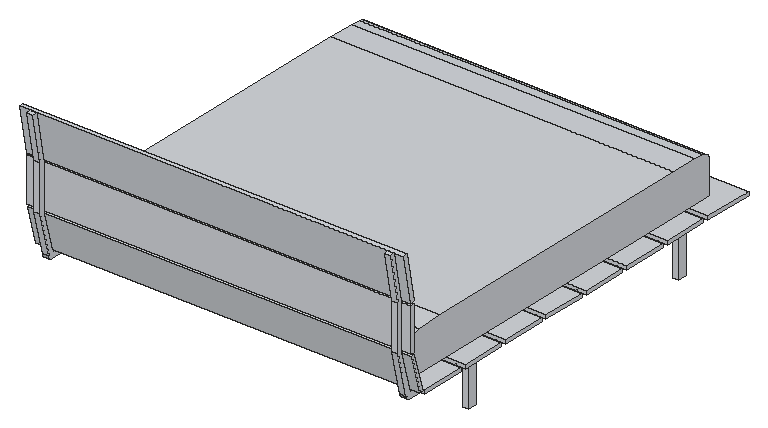
Revit family
Parameters (values of type "190 x 200 cm")
  Manufacturer = "Revit"
  Materiale Struttura = none
  Materiale Materasso [instance] = none
  Materiale Doghe = none
Reference planes
  plane 1 "Center (Front/Back)": y = 0
  plane 2: z = 0
  plane 3 "Center (Left/Right)": x = 0
  plane 4: x = -950
  plane 5: x = 950
Forms (mm)
  Extrusion 1, solid, material <- "Materiale Doghe"
    sketch origin (0, 0, 0) x (0, 1, 0) y (0, 0, 1)
      loop
        line (1899.996, 250) -> (1899.996, 232.312) -> (2149.996, 232.312) -> (2149.996, 250) -> (1899.996, 250)
      loop
        line (1649.996, 250) -> (1649.996, 232.312) -> (1869.996, 232.312) -> (1869.996, 250) -> (1649.996, 250)
      loop
        line (1399.996, 250) -> (1399.996, 232.312) -> (1619.996, 232.312) -> (1619.996, 250) -> (1399.996, 250)
      loop
        line (1369.996, 250) -> (1149.996, 250) -> (1149.996, 232.312) -> (1369.996, 232.312) -> (1369.996, 250)
      loop
        line (1119.996, 250) -> (899.996, 250) -> (899.996, 232.312) -> (1119.996, 232.312) -> (1119.996, 250)
      loop
        line (869.996, 250) -> (649.996, 250) -> (649.996, 232.312) -> (869.996, 232.312) -> (869.996, 250)
      loop
        line (619.996, 250) -> (399.996, 250) -> (399.996, 232.312) -> (619.996, 232.312) -> (619.996, 250)
      loop
        line (369.996, 250) -> (149.996, 250) -> (149.996, 232.312) -> (369.996, 232.312) -> (369.996, 250)
      loop
        line (64.403, 658.284) -> (64.403, 443.803) -> (82.771, 443.803) -> (82.771, 658.284) -> (64.403, 658.284)
      loop
        line (83.733, 433.145) -> (66.591, 429.098) -> (116.794, 247.842) -> (134.248, 252.268) -> (83.733, 433.145)
      loop
        line (39.075, 898.183) -> (21.543, 894.935) -> (63.722, 668.262) -> (80.957, 672.117) -> (39.075, 898.183)
    from -950 to 950
  Extrusion 2, solid, material <- "Materiale Struttura"
    sketch origin (870, 0, 0) x (0, 1, 0) y (0, 0, 1)
      loop
        line (21.345, 894.893) -> (0, 890.399) -> (41.726, 663.5) -> (41.726, 437) -> (95.326, 225.592)
        arc (95.326, 225.592) -> (104.73, 210.528) -> (121.486, 204.646) r 26.809
        line (121.486, 204.646) -> (2070.627, 204.646) -> (2097.839, 231.405) -> (121.095, 232.312) -> (64.403, 437) -> (64.403, 663.5) -> (21.345, 894.893)
    from 0 to 30
  Extrusion 3, solid, material <- "Materiale Struttura"
    sketch origin (-900, 0, 0) x (0, 1, 0) y (0, 0, 1)
      loop
        line (21.345, 894.893) -> (0, 890.399) -> (41.726, 663.5) -> (41.726, 437) -> (95.326, 225.592)
        arc (95.326, 225.592) -> (104.73, 210.528) -> (121.486, 204.646) r 26.809
        line (121.486, 204.646) -> (2070.627, 204.646) -> (2097.839, 231.405) -> (121.095, 232.312) -> (64.403, 437) -> (64.403, 663.5) -> (21.345, 894.893)
    from 0 to 30
  Extrusion 4, solid, material <- "Materiale Struttura"
    sketch origin (720, 0, 0) x (0, 1, 0) y (0, 0, 1)
      loop
        line (483.928, 204.646) -> (483.928, 0) -> (526.107, 0) -> (526.107, 204.646) -> (483.928, 204.646)
      loop
        line (1783.309, 204.646) -> (1783.309, 0) -> (1825.488, 0) -> (1825.488, 204.646) -> (1783.309, 204.646)
    from 150 to 180
  Extrusion 5, solid, material <- "Materiale Struttura"
    sketch origin (-720, 0, 0) x (0, 1, 0) y (0, 0, -1)
      loop
        line (483.928, -204.646) -> (526.107, -204.646) -> (526.107, 0) -> (483.928, 0) -> (483.928, -204.646)
      loop
        line (1783.309, -204.646) -> (1825.488, -204.646) -> (1825.488, 0) -> (1783.309, 0) -> (1783.309, -204.646)
    from 150 to 180
  Extrusion 6, solid, material <- "Materiale Materasso"
    sketch origin (0, 26.024, -58.863) x (0, 1, 0) y (0, 0, 1)
      loop
        line (335.362, 510.734) -> (214.147, 504.678) -> (187.883, 498.622) -> (173.742, 488.528) -> (167.681, 470.36) -> (163.64, 438.06) -> (163.64, 351.256) -> (167.681, 320.975) -> (173.742, 312.9) -> (193.944, 308.863) -> (1983.886, 308.863) -> (2000.048, 310.882) -> (2002.069, 322.994) -> (2002.069, 442.098)
        arc (2002.069, 442.098) -> (2001.056, 462.386) -> (1998.028, 482.472) r 203.738
        arc (1998.028, 482.472) -> (1993.792, 491.916) -> (1985.907, 498.622) r 23.485
        arc (1985.907, 498.622) -> (1976.096, 502.619) -> (1965.704, 504.678) r 55.461
        arc (1965.704, 504.678) -> (1940.471, 506.951) -> (1915.198, 508.715) r 1255.835
        line (1915.198, 508.715) -> (1785.902, 510.734) -> (335.362, 510.734)
    from -846.31 to 853.69
Lines and regions (mm)
  symbolic lines
    curve 1: line (0, 526.107, 204.646) -> (0, 526.107, 0)
    curve 2: line (0, 526.107, 0) -> (0, 483.928, 0)
    curve 3: line (0, 483.928, 0) -> (0, 483.928, 204.646)
    curve 4: line (0, 1825.488, 204.646) -> (0, 1825.488, 0)
    curve 5: line (0, 1825.488, 0) -> (0, 1783.309, 0)
    curve 6: line (0, 1783.309, 0) -> (0, 1783.309, 204.646)
    curve 7: line (0, 63.722, 668.262) -> (0, 80.957, 672.117)
    curve 8: line (0, 80.957, 672.117) -> (0, 39.004, 898.563)
    curve 9: line (0, 39.004, 898.563) -> (0, 21.543, 894.935)
    curve 10: line (0, 21.543, 894.935) -> (0, 0, 890.399)
    curve 11: line (0, 0, 890.399) -> (0, 41.726, 663.5)
    curve 12: line (0, 41.726, 663.5) -> (0, 41.726, 437)
    curve 13: line (0, 41.726, 437) -> (0, 95.326, 225.592)
    curve 14: arc (0, 95.326, 225.592) -> (0, 104.73, 210.528) -> (0, 121.486, 204.646) r 26.809
    curve 15: line (0, 121.486, 204.646) -> (0, 2070.627, 204.646)
    curve 16: line (0, 2070.627, 204.646) -> (0, 2097.839, 231.405)
    curve 17: line (0, 2149.996, 232.312) -> (0, 121.095, 232.312)
    curve 18: line (0, 121.095, 232.312) -> (0, 64.403, 437)
    curve 19: line (0, 64.403, 437) -> (0, 64.403, 663.5)
    curve 20: line (0, 64.403, 663.5) -> (0, 21.543, 894.935)
    curve 21: line (0, 21.543, 894.935) -> (0, 39.004, 898.563)
    curve 22: line (0, 39.004, 898.563) -> (0, 80.957, 672.117)
    curve 23: line (0, 80.957, 672.117) -> (0, 63.722, 668.262)
    curve 24: line (0, 1899.996, 232.312) -> (0, 1899.996, 250)
    curve 25: line (0, 1899.996, 250) -> (0, 2149.996, 250)
    curve 26: line (0, 1869.996, 244.104) -> (0, 1899.996, 244.104)
    curve 27: line (0, 1899.996, 238.208) -> (0, 1869.996, 238.208)
    curve 28: line (0, 1649.996, 232.312) -> (0, 1649.996, 250)
    curve 29: line (0, 1649.996, 250) -> (0, 1869.996, 250)
    curve 30: line (0, 1869.996, 250) -> (0, 1869.996, 232.312)
    curve 31: line (0, 1619.996, 244.104) -> (0, 1649.996, 244.104)
    curve 32: line (0, 1649.996, 238.208) -> (0, 1619.996, 238.208)
    curve 33: line (0, 1399.996, 232.312) -> (0, 1399.996, 250)
    curve 34: line (0, 1399.996, 250) -> (0, 1619.996, 250)
    curve 35: line (0, 1619.996, 250) -> (0, 1619.996, 232.312)
    curve 36: line (0, 1369.996, 244.104) -> (0, 1399.996, 244.104)
    curve 37: line (0, 1399.996, 238.208) -> (0, 1369.996, 238.208)
    curve 38: line (0, 1149.996, 232.312) -> (0, 1149.996, 250)
    curve 39: line (0, 1149.996, 250) -> (0, 1369.996, 250)
    curve 40: line (0, 1369.996, 250) -> (0, 1369.996, 232.312)
    curve 41: line (0, 1119.996, 244.104) -> (0, 1149.996, 244.104)
    curve 42: line (0, 1149.996, 238.208) -> (0, 1119.996, 238.208)
    curve 43: line (0, 899.996, 232.312) -> (0, 899.996, 250)
    curve 44: line (0, 899.996, 250) -> (0, 1119.996, 250)
    curve 45: line (0, 1119.996, 250) -> (0, 1119.996, 232.312)
    curve 46: line (0, 869.996, 244.104) -> (0, 899.996, 244.104)
    curve 47: line (0, 899.996, 238.208) -> (0, 869.996, 238.208)
    curve 48: line (0, 649.996, 232.312) -> (0, 649.996, 250)
    curve 49: line (0, 649.996, 250) -> (0, 869.996, 250)
    curve 50: line (0, 869.996, 250) -> (0, 869.996, 232.312)
    curve 51: line (0, 619.996, 244.104) -> (0, 649.996, 244.104)
    curve 52: line (0, 649.996, 238.208) -> (0, 619.996, 238.208)
    curve 53: line (0, 399.996, 232.312) -> (0, 399.996, 250)
    curve 54: line (0, 399.996, 250) -> (0, 619.996, 250)
    curve 55: line (0, 619.996, 250) -> (0, 619.996, 232.312)
    curve 56: line (0, 369.996, 244.104) -> (0, 399.996, 244.104)
    curve 57: line (0, 399.996, 238.208) -> (0, 369.996, 238.208)
    curve 58: line (0, 369.996, 250) -> (0, 369.996, 232.312)
    curve 59: line (0, 149.996, 250) -> (0, 369.996, 250)
    curve 60: line (0, 149.996, 232.312) -> (0, 149.996, 250)
    curve 61: line (0, 131.073, 244.104) -> (0, 149.996, 244.104)
    curve 62: line (0, 128.806, 250.907) -> (0, 131.073, 244.104)
    curve 63: line (0, 122.935, 249.44) -> (0, 124.475, 243.024)
    curve 64: arc (0, 124.475, 243.024) -> (0, 126.694, 239.557) -> (0, 130.584, 238.208) r 6.282
    curve 65: line (0, 149.996, 238.208) -> (0, 130.584, 238.208)
    curve 66: line (0, 66.591, 429.098) -> (0, 83.733, 433.145)
    curve 67: line (0, 83.733, 433.145) -> (0, 134.248, 252.268)
    curve 68: line (0, 134.248, 252.268) -> (0, 117.013, 247.959)
    curve 69: line (0, 70.752, 444.03) -> (0, 70.752, 439.041)
    curve 70: line (0, 76.648, 439.041) -> (0, 78.34, 432.037)
    curve 71: line (0, 76.648, 444.03) -> (0, 76.648, 439.041)
    curve 72: line (0, 70.752, 439.041) -> (0, 72.814, 430.567)
    curve 73: line (0, 82.771, 443.803) -> (0, 82.771, 658.284)
    curve 74: line (0, 82.771, 658.284) -> (0, 64.403, 658.284)
    curve 75: line (0, 64.403, 658.284) -> (0, 64.403, 443.803)
    curve 76: line (0, 64.403, 443.803) -> (0, 82.771, 443.803)
    curve 77: line (0, 75.268, 670.845) -> (0, 76.648, 664.634)
    curve 78: line (0, 76.648, 664.634) -> (0, 76.648, 658.284)
    curve 79: line (0, 70.752, 664.634) -> (0, 70.752, 658.284)
    curve 80: line (0, 69.628, 669.583) -> (0, 70.752, 664.634)
    curve 81: line (950, 2149.996, 0) -> (-950, 2149.996, 0)
    curve 82: line (-950, 2149.996, 0) -> (-950, 619.996, 0)
    curve 83: line (-950, 619.996, 0) -> (-950, -0.004, 0)
    curve 84: line (-950, -0.004, 0) -> (950, -0.004, 0)
    curve 85: line (950, -0.004, 0) -> (950, 619.996, 0)
    curve 86: line (950, 619.996, 0) -> (950, 2149.996, 0)
    curve 87: line (-950, 1899.996, 0) -> (-846.31, 1899.996, 0)
    curve 88: line (-950, 1869.996, 0) -> (-846.31, 1869.996, 0)
    curve 89: line (-950, 1649.996, 0) -> (-846.31, 1649.996, 0)
    curve 90: line (-950, 1619.996, 0) -> (-846.31, 1619.996, 0)
    curve 91: line (-950, 1399.996, 0) -> (-846.31, 1399.996, 0)
    curve 92: line (-950, 1369.996, 0) -> (-846.31, 1369.996, 0)
    curve 93: line (-950, 1149.996, 0) -> (-846.31, 1149.996, 0)
    curve 94: line (-950, 1119.996, 0) -> (-846.31, 1119.996, 0)
    curve 95: line (-950, 899.996, 0) -> (-846.31, 899.996, 0)
    curve 96: line (-950, 869.996, 0) -> (-846.31, 869.996, 0)
    curve 97: line (-950, 649.996, 0) -> (-846.31, 649.996, 0)
    curve 98: line (950, 619.996, 0) -> (853.69, 619.996, 0)
    curve 99: line (-950, 399.996, 0) -> (-846.31, 399.996, 0)
    curve 100: line (-950, 369.996, 0) -> (-846.31, 369.996, 0)
    curve 101: line (-950, 149.996, 0) -> (950, 149.996, 0)
    curve 102: line (-950, 134.248, 0) -> (950, 134.248, 0)
    curve 103: line (-950, 82.771, 0) -> (950, 82.771, 0)
    curve 104: line (-950, 39.004, 0) -> (950, 39.004, 0)
    curve 105: line (-935, 134.248, 0) -> (-935, 149.996, 0)
    curve 106: line (-935, 369.996, 0) -> (-935, 399.996, 0)
    curve 107: line (-935, 619.996, 0) -> (-935, 649.996, 0)
    curve 108: line (-935, 869.996, 0) -> (-935, 899.996, 0)
    curve 109: line (-935, 1119.996, 0) -> (-935, 1149.996, 0)
    curve 110: line (-950, 1399.996, 0) -> (-846.31, 1399.996, 0)
    curve 111: line (-935, 1369.996, 0) -> (-935, 1399.996, 0)
    curve 112: line (-935, 1619.996, 0) -> (-935, 1649.996, 0)
    curve 113: line (-935, 1869.996, 0) -> (-935, 1899.996, 0)
    curve 114: line (935, 1869.996, 0) -> (935, 1899.996, 0)
    curve 115: line (935, 1619.996, 0) -> (935, 1649.996, 0)
    curve 116: line (935, 1369.996, 0) -> (935, 1399.996, 0)
    curve 117: line (935, 1119.996, 0) -> (935, 1149.996, 0)
    curve 118: line (935, 869.996, 0) -> (935, 899.996, 0)
    curve 119: line (935, 619.996, 0) -> (935, 649.996, 0)
    curve 120: line (935, 369.996, 0) -> (935, 399.996, 0)
    curve 121: line (935, 134.248, 0) -> (935, 149.996, 0)
    curve 122: line (-846.31, 2028.093, 0) -> (853.69, 2028.093, 0)
    curve 123: line (-846.31, 193.705, 0) -> (-846.31, 2028.093, 0)
    curve 124: line (853.69, 193.705, 0) -> (-846.31, 193.705, 0)
    curve 125: line (853.69, 2028.093, 0) -> (853.69, 193.705, 0)
    curve 126: line (853.69, 1399.996, 0) -> (950, 1399.996, 0)
    curve 127: line (853.69, 1369.996, 0) -> (950, 1369.996, 0)
    curve 128: line (853.69, 1119.996, 0) -> (950, 1119.996, 0)
    curve 129: line (853.69, 899.996, 0) -> (950, 899.996, 0)
    curve 130: line (853.69, 869.996, 0) -> (950, 869.996, 0)
    curve 131: line (853.69, 649.996, 0) -> (950, 649.996, 0)
    curve 132: line (-846.31, 619.996, 0) -> (-950, 619.996, 0)
    curve 133: line (853.69, 399.996, 0) -> (950, 399.996, 0)
    curve 134: line (853.69, 369.996, 0) -> (950, 369.996, 0)
    curve 135: line (853.69, 1149.996, 0) -> (950, 1149.996, 0)
    curve 136: line (853.69, 1619.996, 0) -> (950, 1619.996, 0)
    curve 137: line (853.69, 1649.996, 0) -> (950, 1649.996, 0)
    curve 138: line (853.69, 1869.996, 0) -> (950, 1869.996, 0)
    curve 139: line (853.69, 1899.996, 0) -> (950, 1899.996, 0)
Dimensions and locks
  equal spacing: plane 4, plane 3 "Center (Left/Right)", plane 5
  plane 4 to plane 5 = 1900 mm
  locked: plane 4 to Extrusion 3 at 50
  locked: Extrusion 3 to Extrusion 3 at 30
  locked: Extrusion 2 to plane 5 at 50
  locked: Extrusion 2 to Extrusion 2 at 30
  locked: Extrusion 4 to Extrusion 4 at 30
  locked: Extrusion 5 to Extrusion 5 at 30
  aligned and locked: plane 4 to Extrusion 1
  aligned and locked: Extrusion 1 to plane 5
  aligned and locked: Extrusion 2 to Extrusion 4
  aligned and locked: Extrusion 3 to Extrusion 5
